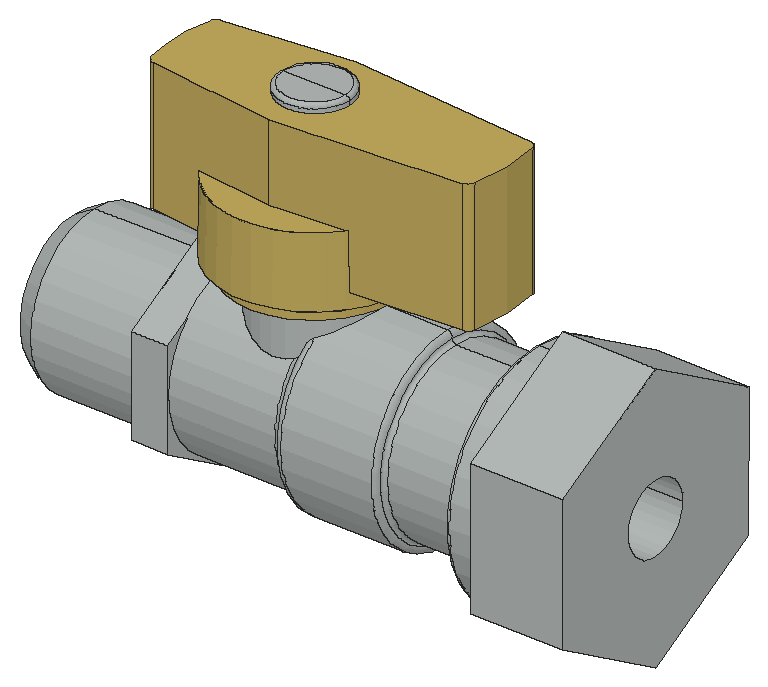
Revit family "QP22400000", category Apparecchi idraulici, Revit 2020
Family settings
  Quota connettore circolare = Usa diametro
  Tipo di parte = Normale
  Numero OmniClass = 23.45.00.00
  Titolo OmniClass = Sanitary, Laundry, and Cleaning Equipment
  Basato su piano di lavoro = No
  Sempre verticale = Sì
  Taglio con vuoti quando caricato = No
  Condiviso = No
  Punto di calcolo locali = No
Parameters
  URL = "https://web.cimberio.com/index.php/figura/147?subcategoria_id=95875"
  Temperatura di esercizio = "-20 ÷ 60°C"
  Prospetto di default = 0 mm
  Produttore = "CIMBERIO SPA"
  Pressione nominale = "MOP 5"
  Modello = "Cim 187"
  Materiale = "Prodotto in lega di ottone conforme alla norma EN 12165-CW617N-DW"
  Descrizione = "Utilizzato nell’impiantistica distributiva di gas a bassa pressione per le categorie:\r\nGas naturali: gas derivati dal petrolio (Metano) e gas di ricambio.\r\nGas di città: prodotti secondo i diversi procedimenti (Cracking - Cokerie - ecc.).\r\nGas liquidi: propano e miscele di gas propano/butano"
  DN Model [instance] = QP22402099 : QP22402099
  DN [instance] = 9 mm
  Commenti sul tipo = "Realizzato in ottemperanza ai requisiti gestionali della norma EN ISO 9001.\r\nCollaudato al 100% secondo la normativa EN 12266-1"
Reference planes
  plane 1 "Centro (Fronte/Retro)": y = 0
  plane 2: z = 0
  plane 3 "Centro (Sinistra/Destra)": x = 0
Dimensions and locks
  aligned and locked: level to plane 2
Nested families
  nested 1: "QP22402099" at (0, 0, 0), type <- "DN Model", type "QP22402099"
  nested 2: "QP22402099" at (0, 0, 0), type <- "DN Model", type "QP22402099"
  nested 3: "QP22402099" at (0, 0, 0), type <- "DN Model", type "QP22402099"
Connectors
  piping at (44.215, 0, 0), diameter 9, driven by "DN"
    settings: on nested 1, index 1, connector inside diameter 609.6 mm, connector length 0 mm, flow factor 0, pipe flow 0.0 L/s, pressure drop 0.0 Pa, fitting loss kfactor 0, connector angle 0.00°, fixture units 0, engagement length 0 mm, angle of deflection 0.00°, flow configuration 0, flow direction 0, fitting loss method 0, system type 7, joint type 0, gender type 0, connector reference index -1, connector utility 0, adjustable connector no, is connector primary yes, connector description ""
  piping at (-31.01, 0, 0), diameter 9, driven by "DN"
    settings: on nested 1, index 2, connector inside diameter 609.6 mm, connector length 0 mm, flow factor 0, pipe flow 0.0 L/s, pressure drop 0.0 Pa, fitting loss kfactor 0, connector angle 0.00°, fixture units 0, engagement length 0 mm, angle of deflection 0.00°, flow configuration 0, flow direction 0, fitting loss method 0, system type 7, joint type 0, gender type 0, connector reference index -1, connector utility 0, adjustable connector no, is connector primary no, connector description ""
Definition of nested family "QP22402099"
  Parameters (values of type "QP22402099")
    URL = ""
    Default Elevation = 0 mm
    Manufacturer = ""
    Model = ""
    Description = ""
    Type Comments = ""
  Reference planes
    plane 1 "Centro (Fronte/Retro)": y = 0
    plane 2: z = 0
    plane 3 "Centro (Sinistra/Destra)": x = 0
  Forms (mm)
    Revolve 1, solid
      sketch origin (0.744, 0, 1.406) x (1, 0, 0) y (0, 0, 1)
        loop
          line (11.146, 13.716) -> (10.988, 22.789) -> (-0.448, 22.789) -> (-0.448, 11.85) -> (9.552, 11.85) -> (9.552, 12.795) -> (11.146, 13.716)
        axis (-0.754, 11.85) -> (-0.754, 22.789)
      angle from 0 to 360
    Revolve 2, solid
      sketch origin (0.751, 0, 1.446) x (1, 0, 0) y (0, 0, 1)
        loop
          arc (3.746, 33.15) -> (3.6, 33.504) -> (3.246, 33.65) r 0.5
          line (3.246, 33.65) -> (-0.754, 33.65) -> (-0.754, 31.443) -> (3.746, 31.443) -> (3.746, 33.15)
        axis (-0.754, 33.65) -> (-0.754, 31.443)
      angle from 0 to 360
    Extrusion 3, solid
      sketch origin (1.758, 0, 1.45) x (1, 0, 0) y (0, 1, 0)
        loop
          arc (-19.114, 4.772) -> (-19.758, -0.042) -> (-19.091, -4.852) r 18
          arc (-19.091, -4.852) -> (-18.778, -5.343) -> (-18.244, -5.576) r 1
          line (-18.244, -5.576) -> (-1.755, -7.5) -> (21.908, -5.5)
          arc (21.908, -5.5) -> (22.493, -5.247) -> (22.806, -4.691) r 1
          arc (22.806, -4.691) -> (23.25, 0) -> (22.806, 4.691) r 25
          arc (22.806, 4.691) -> (22.489, 5.25) -> (21.897, 5.501) r 1
          line (21.897, 5.501) -> (-2.38, 7.425) -> (-18.27, 5.5)
          arc (-18.27, 5.5) -> (-18.802, 5.265) -> (-19.114, 4.772) r 1
      from 15.62 to 32.65
    Revolve 4, solid
      sketch origin (1.758, 0, 0) x (1, 0, 0) y (0, 0, 1)
        loop
          line (-0.754, 4.83) -> (7.416, 4.83) -> (7.416, 16.081) -> (-0.754, 16.081) -> (-0.754, 4.83)
        axis (-0.754, 16.081) -> (-0.754, 4.83)
      angle from 0 to 360
    Revolve 5, solid
      sketch origin (0, 0, 0) x (1, 0, 0) y (0, 0, 1)
        loop
          line (29.19, -14.733) -> (32.25, -14.733) -> (32.25, -4.5) -> (-10.271, -4.5) -> (-10.271, -10.983) -> (3.557, -10.983)
          arc (3.557, -10.983) -> (4.268, -11.328) -> (4.711, -11.983) r 1.528
          arc (4.711, -11.983) -> (5.077, -12.349) -> (5.577, -12.483) r 1
          line (5.577, -12.483) -> (17.3, -12.483)
          arc (17.3, -12.483) -> (17.636, -12.081) -> (17.8, -11.583) r 1.391
          arc (17.8, -11.583) -> (17.946, -11.229) -> (18.3, -11.083) r 0.5
          line (18.3, -11.083) -> (28.69, -11.083) -> (28.69, -14.233)
          arc (28.69, -14.233) -> (28.836, -14.587) -> (29.19, -14.733) r 0.5
        axis (-10.271, 0) -> (32.25, 0)
      angle from 0 to 360
    Extrusion 6, solid
      sketch origin (0, 0, 0) x (0, 1, 0) y (0, 0, 1)
        loop
          circle (0, 0) r 4.5
        loop
          line (0, 17.4) -> (-15.069, 8.7) -> (-15.069, -8.7) -> (0, -17.4) -> (15.069, -8.7) -> (15.069, 8.7) -> (0, 17.4)
      from 32.25 to 44.215
    Extrusion 7, solid
      sketch origin (0, 0, -0.6) x (0, 1, 0) y (0, 0, 1)
        loop
          circle (0, 0) r 4.5
        loop
          line (0, 12.65) -> (-10.955, 6.325) -> (-10.955, -6.325) -> (0, -12.65) -> (10.955, -6.325) -> (10.955, 6.325) -> (0, 12.65)
      from -15.01 to -10.271
    Revolve 8, solid
      sketch origin (0, 0, 0) x (1, 0, 0) y (0, 0, 1)
        loop
          line (-15.01, 4.5) -> (-15.01, 10.45) -> (-28.527, 10.45) -> (-31.01, 9.007) -> (-31.01, 4.5) -> (-15.01, 4.5)
        axis (-31.01, 0) -> (-15.01, 0)
      angle from 0 to 360
  Dimensions and locks
    aligned and locked: level to plane 2
